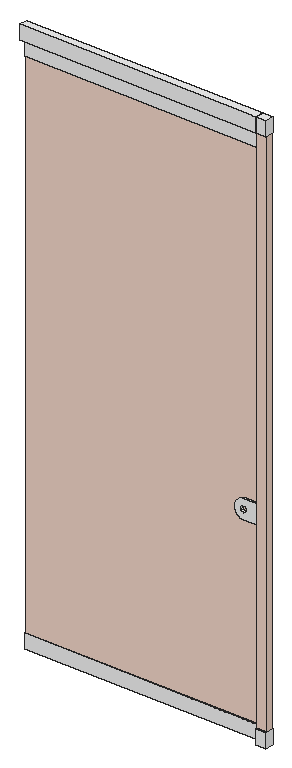
Revit family
Parameters
  가시성 - 배치 선 = yes
  가시성 - 문 RHS = no
  가시성 - 문 LHS = yes
  가시성 - 큐비클 다리 = yes
  상단 프레임 깊이 = 45 mm
  배관 덕트 깊이 = 300 mm
  재료 큐비클 패널 = 화장실 큐비클 패널
  재료 큐비클 프레임 = 화장실 큐비클 프레임
  재료 큐비클 피트 = 화장실 큐비클 피트
  Keynote = "K32"
  핸들 장착 높이 = 800 mm
  끝 패널 폭 [instance] = 32.5 mm
  문 폭 = 큐비클 폭 - 65 mm  # 755 mm
  문 헤드 간격 = 10 mm
  큐비클 폭 = 큐비클 순폭 + 큐비클 패널 두께  # 820 mm
  큐비클 패널 두께 = 20 mm
  큐비클 높이 = 1800 mm
  큐비클 깊이 = 1500 mm
  큐비클 순폭 = 800 mm
  하단 프레임 깊이 = 45 mm
  베이스 간격띄우기 = 150 mm
Reference planes
  plane 1 "중심(앞/뒤)": y = 0
  plane 2: z = 0
  plane 3 "중심(왼쪽/오른쪽)": x = -12.069
  plane 4: x = -422.069
  plane 5: x = 397.931
  plane 6: y = -1800
  plane 7: y = -300
  plane 8: z = 150
  plane 9: z = 1950
  plane 10: x = -389.569
  plane 11: x = 365.431
  plane 12: z = 1905
  plane 13: z = 1895
  plane 14: z = 195
  plane 15: x = -454.569
  plane 16: x = 430.431
  plane 17: z = 800
Forms (mm)
  Extrusion 1, solid, material "화장실 큐비클 프레임" <- "재료 큐비클 프레임"
    sketch origin (142.5, 0, 1950) x (0, -1, 0) y (-1, 0, 0)
      loop
        line (1813, 532.069) -> (1787.295, 532.069) -> (1787.295, -222.931) -> (1813, -222.931) -> (1813, 532.069)
    from 0 to 45
  Extrusion 2, solid, material "화장실 큐비클 프레임" <- "재료 큐비클 프레임"
    sketch origin (397.931, 0, 0) x (0, -1, 0) y (0, 0, 1)
      loop
        line (1813, 1905) -> (1813, 1950) -> (1787.295, 1950) -> (1787.295, 1905) -> (1813, 1905)
      loop
        line (1813, 150) -> (1813, 195) -> (1787.295, 195) -> (1787.295, 150) -> (1813, 150)
    from 32.5 to 0
  Extrusion 3, solid, material "화장실 큐비클 패널" <- "재료 큐비클 패널"
    sketch origin (397.931, 0, 0) x (0, -1, 0) y (0, 0, 1)
      loop
        line (1810, 195) -> (1810, 1905) -> (1790, 1905) -> (1790, 195) -> (1810, 195)
    from 32.5 to 0
Lines and regions (mm)
  reference lines
    curve 1: line (397.931, -1564.472, 0) -> (397.931, -1984.472, 0)
  symbolic lines, style "화장실 큐비클", visible <- "가시성 - 배치 선"
    curve 2: line (397.931, -1800, 0) -> (397.931, -300, 0)
    curve 3: line (-422.069, -300, 0) -> (397.931, -300, 0)
  symbolic lines
    curve 4: line (-422.069, -1800, 0) -> (397.931, -1800, 0)
    curve 5: line (-422.069, -300, 0) -> (-422.069, -1800, 0)
Dimensions and locks
  equal spacing: plane 4, plane 3 "중심(왼쪽/오른쪽)", plane 5
  "큐비클 폭": plane 4 to plane 5
  "배관 덕트 깊이": plane 7 to plane 1 "중심(앞/뒤)"
  "큐비클 깊이": plane 6 to plane 7
  "베이스 간격띄우기": plane 8 to level
  "큐비클 높이": plane 9 to plane 8
  equal spacing: plane 10, plane 3 "중심(왼쪽/오른쪽)", plane 11
  "문 폭": plane 10 to plane 11
  "상단 프레임 깊이": plane 9 to plane 12
  "문 헤드 간격": plane 12 to plane 13
  "하단 프레임 깊이": plane 14 to plane 8
  equal spacing: plane 15, plane 4, plane 10
  equal spacing: plane 11, plane 5, plane 16
  "핸들 장착 높이": plane 17 to level
  "끝 패널 폭": plane 11 to curve 1
  aligned and locked: Extrusion 1 to plane 9
  aligned and locked: plane 12 to Extrusion 1
  aligned and locked: Extrusion 1 sketch curve to plane 11
  aligned and locked: nested 1 to plane 13
  aligned and locked: plane 10 to Extrusion 1
  aligned and locked: plane 6 to nested 1
  aligned and locked: nested 1 to plane 3 "중심(왼쪽/오른쪽)"
  aligned and locked: plane 11 to Extrusion 3
  aligned and locked: plane 11 to Extrusion 2
  aligned and locked: Extrusion 3 to curve 1
  aligned and locked: Extrusion 2 to Extrusion 3
  aligned and locked: curve 2 to nested 1
  aligned and locked: plane 7 to curve 3
Automatic sketch dimensions
  Extrusion 1 sketch curve to plane 6 = 12.705 mm
  plane 6 to Extrusion 1 sketch curve = 13 mm
  Extrusion 1 sketch curve to Extrusion 1 sketch curve = 755 mm
  Extrusion 2 sketch curve to plane 14 = 0 mm
  Extrusion 2 sketch curve to plane 12 = 0 mm
  Extrusion 2 sketch curve to plane 8 = 0 mm
  Extrusion 2 sketch curve to plane 9 = 0 mm
  Extrusion 2 sketch curve to plane 6 = 12.705 mm  (x2)
  plane 6 to Extrusion 2 sketch curve = 13 mm  (x2)
  Extrusion 3 sketch curve to plane 14 = 0 mm
  Extrusion 3 sketch curve to plane 12 = 0 mm
  Extrusion 3 sketch curve to plane 6 = 10 mm
  plane 6 to Extrusion 3 sketch curve = 10 mm
  plane 6 to curve 1 = 184.472 mm
  curve 1 to plane 6 = 235.528 mm
  curve 5 to plane 4 = 0 mm
  curve 5 to plane 6 = 0 mm
Nested families
  nested 1: "UK_화장실 문" at (-10, 0, 0), 큐비클 폭 <- "큐비클 폭", type "끝/코너 큐비클"
    with 문 폭 755 mm, 큐비클 폭 820 mm
Definition of nested family "UK_화장실 문"
  Parameters (values of type "끝/코너 큐비클")
    가시성 - 문 RHS = no
    가시성 - 문 LHS = yes
    상단 프레임 깊이 = 45 mm
    재료 큐비클 패널 = 화장실 큐비클 패널
    재료 큐비클 프레임 = 화장실 큐비클 프레임
    재료 큐비클 피트 = 화장실 큐비클 피트
    핸들 장착 높이 = 800 mm
    문 폭 [instance] = 큐비클 폭 - 65 mm  # 735 mm
    문 헤드 간격 = 10 mm
    큐비클 폭 [instance] = 800 mm
    큐비클 패널 두께 = 20 mm
    큐비클 높이 = 1800 mm
    큐비클 깊이 = 1500 mm
    하단 프레임 깊이 = 45 mm
    베이스 간격띄우기 = 150 mm
  Types (4, lengths in mm): name | 문 폭 | 큐비클 폭
    (no name) | 735 | 800
    끝/코너 큐비클 | 735 | 800
    중간 큐비클 | 785 | 850
    큐비클 인접 벽 | 785 | 850
  Reference planes
    plane 1: z = 0
    plane 2 "중심(왼쪽/오른쪽)": x = -2.069
    plane 3: x = -402.069
    plane 4: x = 397.931
    plane 5 "큐비클 앞면": y = -1800
    plane 6: z = 150
    plane 7: z = 1950
    plane 8: x = -369.569
    plane 9: x = 365.431
    plane 10: z = 1905
    plane 11: z = 1895
    plane 12: z = 195
    plane 13: x = -434.569
    plane 14: x = 430.431
    plane 15: z = 800
    plane 16: y = -1780
  Forms (mm)
    Extrusion 1, solid, material "화장실 큐비클 프레임" <- "재료 큐비클 프레임"
      sketch origin (-2.069, 0, 0) x (0, 1, 0) y (0, 0, 1)
        loop
          line (-1793, 1850) -> (-1767, 1850) -> (-1767, 1895) -> (-1793, 1895) -> (-1793, 1850)
        loop
          line (-1793, 195) -> (-1793, 150) -> (-1767, 150) -> (-1767, 195) -> (-1793, 195)
      from 367.5 to -367.5
    Extrusion 2, solid, material "화장실 큐비클 패널" <- "재료 큐비클 패널"
      sketch origin (0, 0, 0) x (1, 0, 0) y (0, 1, 0)
        loop
          line (-369.569, -1790) -> (365.431, -1790) -> (365.431, -1770) -> (-369.569, -1770) -> (-369.569, -1790)
      from 195 to 1850
  Lines and regions (mm)
    symbolic lines, visible <- "가시성 - 문 LHS"
      curve 1: line (-369.569, -1767, 0) -> (-369.569, -1032, 0)
      curve 2: arc (365.431, -1767, 0) -> (150.155, -1247.277, 0) -> (-369.569, -1032, 0) r 735
    symbolic lines, visible <- "가시성 - 문 RHS"
      curve 3: line (365.431, -1767, 0) -> (365.431, -1032, 0)
      curve 4: arc (-369.569, -1767, 0) -> (-154.292, -1247.277, 0) -> (365.431, -1032, 0) r 735
  Dimensions and locks
    equal spacing: plane 3, plane 2 "중심(왼쪽/오른쪽)", plane 4
    "큐비클 폭": plane 3 to plane 4
    "베이스 간격띄우기": plane 6 to level
    "큐비클 높이": plane 7 to plane 6
    equal spacing: plane 8, plane 2 "중심(왼쪽/오른쪽)", plane 9
    "문 폭": plane 8 to plane 9
    "상단 프레임 깊이": plane 7 to plane 10
    "문 헤드 간격": plane 10 to plane 11
    "하단 프레임 깊이": plane 12 to plane 6
    equal spacing: plane 13, plane 3, plane 8
    equal spacing: plane 9, plane 4, plane 14
    "핸들 장착 높이": plane 15 to level
    "큐비클 패널 두께": plane 5 "큐비클 앞면" to plane 16
    equal spacing: Extrusion 2, plane 16, Extrusion 2
    "큐비클 패널 두께": Extrusion 2 to Extrusion 2
    locked: Extrusion 1 sketch curve to Extrusion 2 at 3  (x2)
    locked: Extrusion 2 to Extrusion 1 sketch curve at 3  (x2)
    aligned and locked: curve 2 to plane 8
    aligned and locked: plane 15 to nested 2
    aligned and locked: nested 1 to plane 9
    aligned and locked: nested 2 to plane 8
    aligned and locked: plane 16 to nested 1
    aligned and locked: nested 2 to plane 16
    aligned and locked: Extrusion 1 sketch curve to plane 11
    aligned and locked: Extrusion 1 to plane 9
    aligned and locked: plane 8 to Extrusion 1
    aligned and locked: Extrusion 2 to Extrusion 1
    aligned and locked: plane 12 to Extrusion 2
    aligned and locked: plane 8 to Extrusion 2
    aligned and locked: Extrusion 2 to plane 9
    aligned and locked: curve 1 to plane 8
    aligned and locked: curve 3 to plane 9
  Automatic sketch dimensions
    curve 1 to plane 5 "큐비클 앞면" = 33 mm
    curve 2 to curve 1 = 0 mm
    Extrusion 1 sketch curve to plane 6 = 0 mm
    Extrusion 1 sketch curve to plane 12 = 0 mm
    plane 11 to Extrusion 1 sketch curve = 45 mm
    Extrusion 2 sketch curve to plane 16 = 10 mm
    Extrusion 2 sketch curve to plane 8 = 0 mm
    plane 9 to Extrusion 2 sketch curve = 0 mm
    Extrusion 2 sketch curve to plane 5 "큐비클 앞면" = 10 mm
  Nested families
    nested 1: "화장실 큐비클 핸들" at (365.431, -1779.907, 0), visible <- "가시성 - 문 LHS", type "화장실 큐비클 핸들"
    nested 2: "화장실 큐비클 핸들" at (-369.569, -1779.907, -0.091) x (-1, 0, 0) z (0, 0, 1), visible <- "가시성 - 문 RHS", type "화장실 큐비클 핸들"
  Definition of nested family "화장실 큐비클 핸들"
    Parameters
      패널 두께 = 20 mm
      재료  핸들 = none
      핸들 Z = 800 mm
      핸들 X = 50 mm
    Reference planes
      plane 1 "중심(앞/뒤)": y = -0.093
      plane 2: z = 0
      plane 3 "중심(왼쪽/오른쪽)": x = 0
      plane 4: z = 800
      plane 5: x = -50
      plane 6: y = -10.093
      plane 7: y = 9.907
    Forms (mm)
      Extrusion 1, solid, material <- "재료  핸들"
        sketch origin (0, -0.093, 0) x (1, 0, 0) y (0, 0, 1)
          loop
            line (0, 770) -> (0, 830.183) -> (-49.948, 830.183)
            arc (-49.948, 830.183) -> (-80.039, 800.091) -> (-49.948, 770) r 30.091
            line (-49.948, 770) -> (0, 770)
          loop
            circle (-49.948, 800.091) r 10
        from -18 to 18
    Dimensions and locks
      "핸들 X": plane 5 to plane 3 "중심(왼쪽/오른쪽)"
      "핸들 Z": plane 4 to level
      equal spacing: plane 7, plane 1 "중심(앞/뒤)", plane 6
      "패널 두께": plane 6 to plane 7
      locked: Extrusion 1 to plane 7 at 8
      locked: Extrusion 1 to plane 6 at 8
    Automatic sketch dimensions
      Extrusion 1 sketch curve to Extrusion 1 sketch curve = 0 mm  (x2)
      Extrusion 1 sketch curve to plane 3 "중심(왼쪽/오른쪽)" = 0 mm
      Extrusion 1 sketch curve to plane 5 = 0.052 mm
      plane 4 to Extrusion 1 sketch curve = 30 mm
      Extrusion 1 sketch curve to plane 4 = 0.091 mm
      radius of Extrusion 1 sketch curve = 10 mm
